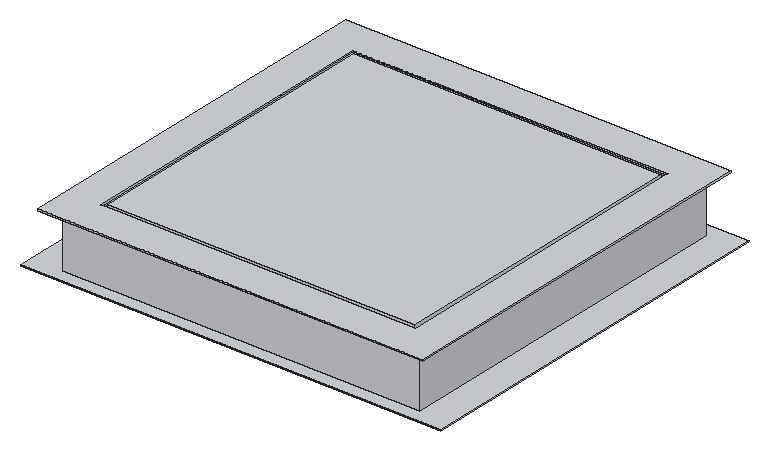
Revit family "Estrichüberdecktes Kanalsystem EÜK_UZD350-3_mit_Rohreinführung_für_Estrichhöhe_70-125 mm", category Generic Models, Revit 2015
Parameters (values of type "UZD 350-3 R")
  URL = "http://www.obo-bettermann.com"
  Size "b" = 383 mm
  Size "a" = 362 mm
  Material = Steel, Galvanized
  Manufacturer Art. No. = "7410035"
  Manufacturer = "OBO Bettermann"
  HeightCalc = if(Height < 70 mm, 70 mm, (if(Height > 125 mm, 125 mm, Height)))  # 70 mm
  Height = 70 mm
  GTIN = "4012195475545"
  Cover Width = 373 mm
  Article Type = "UZD 350-3 R"
  "B" Dimension = 510 mm
  "A" Dimension = 467 mm
Reference planes
  plane 1 "Center (Front/Back)": y = 0
  plane 2: z = 0
  plane 3 "Center (Left/Right)": x = 0
  plane 4: z = 1
  plane 5: x = -255
  plane 6: y = -233.5
  plane 7: x = 255
  plane 8: y = 233.5
  plane 9: y = -217
  plane 10: x = 217
  plane 11: y = 217
  plane 12: x = -217
  plane 13: z = 68
  plane 14: z = 70
  plane 15: x = -233.5
  plane 16: x = 233.5
  plane 17: y = 191.5
  plane 18: x = 191.5
  plane 19: x = -191.5
  plane 20: y = -191.5
  plane 21: z = 66
  plane 22: y = 181
  plane 23: y = -181
  plane 24: x = 181
  plane 25: x = -181
  plane 26: y = -186.5
  plane 27: x = 186.5
  plane 28: y = 186.5
  plane 29: x = -186.5
Forms (mm)
  Extrusion 1, solid
    sketch origin (0, 0, 0) x (1, 0, 0) y (0, 1, 0)
      loop
        line (255, 233.5) -> (-255, 233.5) -> (-255, -233.5) -> (255, -233.5) -> (255, 233.5)
    from 0 to 1
  Extrusion 2, solid
    sketch origin (0, 0, 0) x (1, 0, 0) y (0, 1, 0)
      loop
        line (-217, 217) -> (-217, -217) -> (217, -217) -> (217, 217) -> (-217, 217)
    from 1 to 68
  Extrusion 3, solid
    sketch origin (0, 0, 0) x (1, 0, 0) y (0, 1, 0)
      loop
        line (-233.5, 233.5) -> (-233.5, -233.5) -> (233.5, -233.5) -> (233.5, 233.5) -> (-233.5, 233.5)
    from 68 to 70
  Extrusion 4, void
    sketch origin (0, 0, 0) x (1, 0, 0) y (0, 1, 0)
      loop
        line (-191.5, 191.5) -> (-191.5, -191.5) -> (191.5, -191.5) -> (191.5, 191.5) -> (-191.5, 191.5)
    from 66 to 70
  Extrusion 5, void
    sketch origin (0, 0, 0) x (1, 0, 0) y (0, 1, 0)
      loop
        line (-181, 181) -> (-181, -181) -> (181, -181) -> (181, 181) -> (-181, 181)
    from 1 to 66
  Extrusion 6, solid
    sketch origin (0, 0, 0) x (1, 0, 0) y (0, 1, 0)
      loop
        line (-186.5, 186.5) -> (-186.5, -186.5) -> (186.5, -186.5) -> (186.5, 186.5) -> (-186.5, 186.5)
    from 66 to 70
Cuts and joins
  Extrusion 4, Extrusion 5 cuts Extrusion 1
  Extrusion 4, Extrusion 5 cuts Extrusion 2
  Extrusion 4 cuts Extrusion 3
Lines and regions (mm)
  model lines
    curve 1: line (255, 233.5, 0) -> (-255, 233.5, 0)
    curve 2: line (255, 233.5, 0) -> (255, -233.5, 0)
    curve 3: line (255, -233.5, 0) -> (-255, -233.5, 0)
    curve 4: line (-255, -233.5, 0) -> (-255, 233.5, 0)
    curve 5: line (-217, 217, 0) -> (217, 217, 0)
    curve 6: line (217, 217, 0) -> (217, -217, 0)
    curve 7: line (217, -217, 0) -> (-217, -217, 0)
    curve 8: line (-217, -217, 0) -> (-217, 217, 0)
    curve 9: line (-233.5, 233.5, 0) -> (-233.5, -233.5, 0)
    curve 10: line (233.5, -233.5, 0) -> (233.5, 233.5, 0)
    curve 11: line (-191.5, 191.5, 0) -> (191.5, 191.5, 0)
    curve 12: line (191.5, 191.5, 0) -> (191.5, -191.5, 0)
    curve 13: line (191.5, -191.5, 0) -> (-191.5, -191.5, 0)
    curve 14: line (-191.5, -191.5, 0) -> (-191.5, 191.5, 0)
    curve 15: line (-181, 181, 0) -> (181, 181, 0)
    curve 16: line (181, 181, 0) -> (181, -181, 0)
    curve 17: line (181, -181, 0) -> (-181, -181, 0)
    curve 18: line (-181, -181, 0) -> (-181, 181, 0)
    curve 19: line (-186.5, 186.5, 0) -> (186.5, 186.5, 0)
    curve 20: line (186.5, 186.5, 0) -> (186.5, -186.5, 0)
    curve 21: line (186.5, -186.5, 0) -> (-186.5, -186.5, 0)
    curve 22: line (-186.5, -186.5, 0) -> (-186.5, 186.5, 0)
Dimensions and locks
  locked: level to plane 4 at 1
  equal spacing: plane 6, plane 1 "Center (Front/Back)", plane 8
  ""A" Dimension": plane 6 to plane 8
  equal spacing: plane 5, plane 3 "Center (Left/Right)", plane 7
  ""B" Dimension": plane 5 to plane 7
  locked: plane 13 to plane 14 at 2
  equal spacing: plane 19, plane 3 "Center (Left/Right)", plane 18
  "Size "b"": plane 19 to plane 18
  equal spacing: plane 17, plane 1 "Center (Front/Back)", plane 20
  "Size "b"": plane 17 to plane 20
  "HeightCalc": level to plane 14
  locked: plane 21 to plane 14 at 4
  equal spacing: plane 25, plane 3 "Center (Left/Right)", plane 24
  "Size "a"": plane 25 to plane 24
  equal spacing: plane 22, plane 1 "Center (Front/Back)", plane 23
  "Size "a"": plane 22 to plane 23
  equal spacing: plane 29, plane 3 "Center (Left/Right)", plane 27
  "Cover Width": plane 29 to plane 27
  equal spacing: plane 28, plane 1 "Center (Front/Back)", plane 26
  "Cover Width": plane 28 to plane 26
  locked: plane 11 to plane 8 at 16.5
  locked: plane 9 to plane 6 at 16.5
  locked: plane 10 to plane 7 at 38
  locked: plane 5 to plane 12 at 38
  locked: plane 5 to plane 15 at 21.5
  locked: plane 16 to plane 7 at 21.5
  aligned and locked: level to plane 2
  aligned and locked: plane 7 to curve 2
  aligned and locked: plane 5 to curve 4
  aligned and locked: Extrusion 1 sketch curve to curve 1
  aligned and locked: Extrusion 1 sketch curve to curve 2
  aligned and locked: Extrusion 1 sketch curve to curve 3
  aligned and locked: Extrusion 1 sketch curve to curve 4
  aligned and locked: plane 4 to Extrusion 1
  aligned and locked: plane 11 to curve 5
  aligned and locked: curve 6 to plane 10
  aligned and locked: plane 9 to curve 7
  aligned and locked: curve 8 to plane 12
  aligned and locked: Extrusion 2 sketch curve to curve 5
  aligned and locked: Extrusion 2 sketch curve to curve 6
  aligned and locked: Extrusion 2 sketch curve to curve 7
  aligned and locked: Extrusion 2 sketch curve to curve 8
  aligned and locked: plane 13 to Extrusion 2
  aligned and locked: Extrusion 2 to plane 4
  aligned and locked: curve 9 to plane 15
  aligned and locked: plane 16 to curve 10
  aligned and locked: Extrusion 3 sketch curve to curve 9
  aligned and locked: Extrusion 3 sketch curve to curve 10
  aligned and locked: plane 6 to Extrusion 3 sketch curve
  aligned and locked: Extrusion 3 sketch curve to plane 8
  aligned and locked: Extrusion 3 to plane 13
  aligned and locked: plane 14 to Extrusion 3
  aligned and locked: curve 11 to plane 17
  aligned and locked: curve 12 to plane 18
  aligned and locked: plane 20 to curve 13
  aligned and locked: curve 14 to plane 19
  aligned and locked: Extrusion 1 to level
  aligned and locked: Extrusion 4 sketch curve to curve 11
  aligned and locked: Extrusion 4 sketch curve to curve 12
  aligned and locked: Extrusion 4 sketch curve to curve 13
  aligned and locked: Extrusion 4 sketch curve to curve 14
  aligned and locked: plane 14 to Extrusion 4
  aligned and locked: Extrusion 4 to plane 21
  aligned and locked: curve 15 to plane 22
  aligned and locked: curve 16 to plane 24
  aligned and locked: plane 23 to curve 17
  aligned and locked: curve 18 to plane 25
  aligned and locked: Extrusion 5 sketch curve to curve 15
  aligned and locked: Extrusion 5 sketch curve to curve 18
  aligned and locked: Extrusion 5 sketch curve to curve 17
  aligned and locked: Extrusion 5 sketch curve to curve 16
  aligned and locked: plane 21 to Extrusion 5
  aligned and locked: Extrusion 5 to plane 4
  aligned and locked: curve 19 to plane 28
  aligned and locked: curve 20 to plane 27
  aligned and locked: curve 21 to plane 26
  aligned and locked: curve 22 to plane 29
  aligned and locked: Extrusion 6 sketch curve to curve 19
  aligned and locked: Extrusion 6 sketch curve to curve 22
  aligned and locked: Extrusion 6 sketch curve to curve 21
  aligned and locked: Extrusion 6 sketch curve to curve 20
  aligned and locked: Extrusion 6 to plane 21
  aligned and locked: plane 14 to Extrusion 6
Automatic sketch dimensions
  curve 10 to plane 6 = 0 mm
  plane 8 to curve 9 = 0 mm
